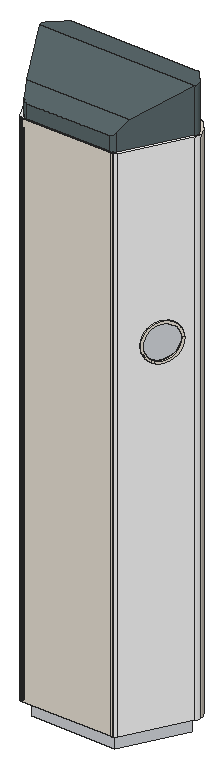
Revit family "Building-RicaricaVeicoliElettrici-GEWISS-JOINON-ION_PAVIMENTO", category Apparecchi elettrici, Revit 2019
Family settings
  Mantenere orientamento annotazione = No
  Quota connettore circolare = Usa diametro
  Tipo di parte = Normale
  Numero OmniClass = 23.80.00.00
  Titolo OmniClass = Electric Power and Lighting
  Basato su piano di lavoro = No
  Sempre verticale = Sì
  Taglio con vuoti quando caricato = No
  Condiviso = No
  Punto di calcolo locali = Sì
Parameters (values of type "GWJ1023W - JOINON I-ON CLOUD 22+22KW MID LAN+4G 2T2+2S")
  sp_y [instance] = 2300 mm
  sp_x [instance] = 1600 mm
  sp_effettivo_y [instance] = 4000 mm - sp_y  # 1700 mm
  sp_effettivo_x [instance] = 4000 mm - sp_x  # 2400 mm
  r4 = 18.00°
  r2 = 79.00°
  h2 = 1392 mm  # constant formula
  ang1 = 62.2233°
  Versione file RFA = "19.4"
  URL = "https://www.gewiss.com/it/it"
  Trattamento superficiale = ""
  Trattamento esterno = "Anti-corrosione ed anti-graffito"
  Tipologia presa = ""
  Tipologia di installazione = ""
  Tipo di protezione differenziale = "40 A - 4P - Tipo B"
  Tipo di installazione e montaggio = "A pavimento"
  Testa = Testa
  Tensione nominale di isolamento (Ui) = "400 Volt"
  Tensione nominale = "400 Volt"
  Temperatura di utilizzo = "-25 +50 °C"
  Simbolo_visibile [instance] = yes
  Riarmo protezioni da remoto = "No"
  Resistenza agli urti = "IK10"
  Protezioni = "Magnetotermico + Diff. Tipo B"
  Protezione magnetotermica = "40A - 4P - Curva D"
  Protezione differenziale = ""
  Produttore = "GEWISS S.p.A."
  Prese di ricarica (EN62196) = ""
  Potenza max. = "22 kW per socket (2,3 kW per Tipo F)"
  Potenza massima per presa = ""
  Potenza di ricarica = "22 kW + 22 kW"
  Potenza complessiva: = "44 Chilowatt"
  Personalizzabile: = "SI (frontale)"
  OUTPUT : = "-"
  Numero di prese (tipo) = "2 (Tipo 2 anti-vandalo,  con shutter) + 2 (Tipo F)"
  N. Prese Tipo 2 = "2 (+2 prese domestiche tipo F)"
  Morsettiera: = "5 x 35 mm²"
  Modo di ricarica (EN 61851) : = ""
  Modello = "GWJ1023W"
  Materiale = "Lamiera d'acciaio"
  Lettore RFID = "Si"
  Laterali = Laterali
  Immagine tipo = ION_PAVIM.jpg
  INPUT: = "-"
  IDF = "8a324463-d4d2-4de9-a0c4-a27b39c13a49"
  Human Interface = "LED RGB e TFT Display"
  H1 = 1550 mm
  Grado di protezione = "IP54"
  Descrizione = "JOINON I-ON CLOUD 22+22KW MID LAN+4G 2T2+2S"
  DC Leakage check = "Non necessario"
  Creato da GEWISS S.p.A. = ""
  Corrente nominale: = "64 Ampere"
  Corrente massima per presa = ""
  Corrente in ingresso = ""
  Corrente erogata (max) = "32 A per socket (10 A per Tipo F)"
  Corpo = Corpo
  Contatore di energia = "SI (Tipo MID)"
  ConnettivitÃ : = "LAN, WIFI, 4G"
  ConnettivitÃ  = ""
  Comunicazione = "Kit Ethernet e Modem 4G con antenna di potenziamento"
  Colore esterno = ""
  Colore = "Grigio, Testata RAL 7011"
  Codice Electrocod = ""
  Caratteristiche meccaniche = "-"
  COBie.Tagnumber = ""
  COBie.CreatedOn = ""
  COBie.CreatebBy = ""
  COBie.ComponentRegisterItemID = ""
  COBie.Component.TagNumber = ""
  COBie.Component.Space = ""
  COBie.Component.SerialNumber = ""
  COBie.Component.InstallationDate = ""
  COBie.Component.Description = ""
  COBie.Component.BarCode = ""
  C = "a=b"
  Bordo_simbolo_visibile [instance] = yes
  Attivazione ricarica = "Gestito da remoto, via OCPP 1.6J"
  Alimentazione (entra-esci) = ""
Types (17, lengths in mm): name | Trattamento superficiale | Tipologia presa | Tipologia di installazione | Tipo di protezione differenziale | Tensione nominale di isolamento (Ui) | Tensione nominale | Protezione magnetotermica | Protezione differenziale | Prese di ricarica (EN62196) | Potenza max. | Potenza massima per presa | Potenza di ricarica | Potenza complessiva: | Numero di prese (tipo) | N. Prese Tipo 2 | Morsettiera: | Modo di ricarica (EN 61851) : | Modello | Lettore RFID | Grado di protezione | Descrizione | Corrente nominale: | Corrente massima per presa | Corrente in ingresso | Corrente erogata (max) | Contatore di energia | ConnettivitÃ : | ConnettivitÃ  | Comunicazione | Colore esterno | Codice Electrocod | Attivazione ricarica | Alimentazione (entra-esci)
  (no name) | "Verniciatura superficiale anti-graffiti" | "Tipo 2" | "A pavimento (basamento di fissaggio già incluso in dotazione)" | "40 A - 4P - Tipo B" | "400 Volt" | "400 Volt" | "40A - 4P - Curva D" | "40A - 4P - Tipo B" | "2 x Tipo 2" | "22 kW per socket (2,3 kW per Tipo F)" | "22 kW + 22 kW" | "22 kW + 22 kW" | "44 Chilowatt" | "2 (Tipo 2 anti-vandalo,  con shutter) + 2 (Tipo F)" | "2 (+2 prese domestiche tipo F)" | "5 x 35 mm²" | "Modo 3" | "GWJ1023W" | "Si" | "IP54" | "JOINON I-ON CLOUD 22+22KW MID LAN+4G 2T2+2S" | "64 Ampere" | "32 A + 32 A" | "64 Ampere" | "32 A per socket (10 A per Tipo F)" | "SI (Tipo MID)" | "LAN, WIFI, 4G" | "OCPP 1.6 SOAP" | "Kit Ethernet e Modem 4G con antenna di potenziamento" | "Chassie Grigio, Cappello RAL7011" | "2242" | "Gestito da remoto, via OCPP 1.6J" | "Trifase 35 mm²"
  GWJ1001A - JOINON I-ON AUTOSTART 7,4+7,4KW 2T2 | "Verniciatura superficiale anti-graffiti" | "Tipo 2" | "A pavimento (basamento di fissaggio già incluso in dotazione)" | "40 A - 2P - Tipo B" | "230 Volt" | "230 Volt" | "40A - 2P - Curva D" | "40A - 2P - Tipo B" | "2 x Tipo 2" | "7,4 kW per socket" | "7,4 kW + 7,4 kW" | "7,4 kW + 7,4 kW" | "15 Chilowatt" | "2 (Tipo 2 con shutter)" | "2" | "3 x 35 mm²" | "Modo 3" | "GWJ1001A" | "No" | "IP55" | "JOINON I-ON AUTOSTART 7,4+7,4KW 2T2" | "64 Ampere" | "32 A + 32 A" | "64 Ampere" | "32 A per socket" | "No" | "No" | "" | "" | "Chassie Grigio, Cappello RAL7011" | "2242" | "Accesso Libero" | "Monofase 35 mm²"
  GWJ1001L - JOINON I-ON CLOUD 7,4+7,4KW MID LAN 2T2 | "Verniciatura superficiale anti-graffiti" | "" | "A pavimento (basamento di fissaggio già incluso in dotazione)" | "40 A - 2P - Tipo B" | "230 Volt" | "230 Volt" | "40A - 2P - Curva D" | "40A - 2P - Tipo B" | "2 x Tipo 2" | "7,4 kW per socket" | "7,4 kW + 7,4 kW" | "7,4 kW + 7,4 kW" | "15 Chilowatt" | "2 (Tipo 2 anti-vandalo,  con shutter)" | "2" | "3 x 35 mm²" | "Modo 3" | "GWJ1001L" | "Si" | "IP55" | "JOINON I-ON CLOUD 7,4+7,4KW MID LAN 2T2" | "64 Ampere" | "32 A + 32 A" | "64 Ampere" | "32 A per socket" | "SI (Tipo MID)" | "LAN" | "OCPP 1.6 SOAP" | "Kit Ethernet" | "Chassie Grigio, Cappello RAL7011" | "2242" | "Gestito da remoto, via OCPP 1.6J" | "Monofase 35 mm²"
  GWJ1001R - JOINON I-ON RFID 7,4+7,4KW MID 2T2 | "Verniciatura superficiale anti-graffiti" | "" | "A pavimento (basamento di fissaggio già incluso in dotazione)" | "40 A - 2P - Tipo B" | "230 Volt" | "230 Volt" | "40A - 2P - Curva D" | "40A - 2P - Tipo B" | "2 x Tipo 2" | "7,4 kW per socket" | "7,4 kW + 7,4 kW" | "7,4 kW + 7,4 kW" | "15 Chilowatt" | "2 (Tipo 2 anti-vandalo,  con shutter)" | "2" | "3 x 35 mm²" | "Modo 3" | "GWJ1001R" | "Si" | "IP55" | "JOINON I-ON RFID 7,4+7,4KW MID 2T2" | "64 Ampere" | "32 A + 32 A" | "64 Ampere" | "32 A per socket" | "SI (Tipo MID)" | "No" | "" | "" | "Chassie Grigio, Cappello RAL7011" | "2242" | "Gestito localmente, via RFID" | "Monofase 35 mm²"
  GWJ1001W - JOINON I-ON CLOUD 7,4+7,4KW MID LAN+4G 2T2 | "Verniciatura superficiale anti-graffiti" | "" | "A pavimento (basamento di fissaggio già incluso in dotazione)" | "40 A - 2P - Tipo B" | "230 Volt" | "230 Volt" | "40A - 2P - Curva D" | "40A - 2P - Tipo B" | "2 x Tipo 2" | "7,4 kW per socket" | "7,4 kW + 7,4 kW" | "7,4 kW + 7,4 kW" | "15 Chilowatt" | "2 (Tipo 2 anti-vandalo,  con shutter)" | "2" | "3 x 35 mm²" | "Modo 3" | "GWJ1001W" | "Si" | "IP55" | "JOINON I-ON CLOUD 7,4+7,4KW MID LAN+4G 2T2" | "64 Ampere" | "32 A + 32 A" | "64 Ampere" | "32 A per socket" | "SI (Tipo MID)" | "LAN, WIFI, 4G" | "OCPP 1.6 SOAP" | "Kit Ethernet e Modem 4G con antenna di potenziamento" | "Chassie Grigio, Cappello RAL7011" | "2242" | "Gestito da remoto, via OCPP 1.6J" | "Monofase 35 mm²"
  GWJ1002A - JOINON I-ON AUTOSTART 11+11KW 2T2 | "Verniciatura superficiale anti-graffiti" | "" | "A pavimento (basamento di fissaggio già incluso in dotazione)" | "20 A - 4P - Tipo B" | "400 Volt" | "400 Volt" | "20A - 4P - Curva D" | "20A - 4P - Tipo B" | "2 x Tipo 2" | "11 kW per socket" | "11 kW + 11 kW" | "11 kW + 11 kW" | "22 Chilowatt" | "2 (Tipo 2 con shutter)" | "2" | "5 x 16 mm²" | "Modo 3" | "GWJ1002A" | "No" | "IP55" | "JOINON I-ON AUTOSTART 11+11KW 2T2" | "32 Ampere" | "16 A + 16 A" | "32 Ampere" | "16 A per socket" | "No" | "No" | "" | "" | "Chassie Grigio, Cappello RAL7011" | "2242" | "Accesso Libero" | "Trifase 35 mm²"
  GWJ1002L - JOINON I-ON CLOUD 11+11KW MID LAN 2T2 | "Verniciatura superficiale anti-graffiti" | "" | "A pavimento (basamento di fissaggio già incluso in dotazione)" | "20 A - 4P - Tipo B" | "400 Volt" | "400 Volt" | "20A - 4P - Curva D" | "20A - 4P - Tipo B" | "2 x Tipo 2" | "11 kW per socket" | "11 kW + 11 kW" | "11 kW + 11 kW" | "22 Chilowatt" | "2 (Tipo 2 anti-vandalo,  con shutter)" | "2" | "5 x 16 mm²" | "Modo 3" | "GWJ1002L" | "Si" | "IP55" | "JOINON I-ON CLOUD 11+11KW MID LAN 2T2" | "32 Ampere" | "16 A + 16 A" | "32 Ampere" | "16 A per socket" | "SI (Tipo MID)" | "LAN" | "OCPP 1.6 SOAP" | "Kit Ethernet" | "Chassie Grigio, Cappello RAL7011" | "2242" | "Gestito da remoto, via OCPP 1.6J" | "Trifase 35 mm²"
  GWJ1002R - JOINON I-ON RFID 11+11KW MID 2T2 | "Verniciatura superficiale anti-graffiti" | "" | "A pavimento (basamento di fissaggio già incluso in dotazione)" | "20 A - 4P - Tipo B" | "400 Volt" | "400 Volt" | "20A - 4P - Curva D" | "20A - 4P - Tipo B" | "2 x Tipo 2" | "11 kW per socket" | "11 kW + 11 kW" | "11 kW + 11 kW" | "22 Chilowatt" | "2 (Tipo 2 anti-vandalo,  con shutter)" | "2" | "5 x 16 mm²" | "Modo 3" | "GWJ1002R" | "Si" | "IP55" | "JOINON I-ON RFID 11+11KW MID 2T2" | "32 Ampere" | "16 A + 16 A" | "32 Ampere" | "16 A per socket" | "SI (Tipo MID)" | "No" | "" | "" | "Chassie Grigio, Cappello RAL7011" | "2242" | "Gestito localmente, via RFID" | "Trifase 35 mm²"
  GWJ1002W - JOINON I-ON CLOUD 11+11KW MID LAN+4G 2T2 | "Verniciatura superficiale anti-graffiti" | "" | "A pavimento (basamento di fissaggio già incluso in dotazione)" | "20 A - 4P - Tipo B" | "400 Volt" | "400 Volt" | "20A - 4P - Curva D" | "20A - 4P - Tipo B" | "2 x Tipo 2" | "11 kW per socket" | "11 kW + 11 kW" | "11 kW + 11 kW" | "22 Chilowatt" | "2 (Tipo 2 anti-vandalo,  con shutter)" | "2" | "5 x 16 mm²" | "Modo 3" | "GWJ1002W" | "Si" | "IP55" | "JOINON I-ON CLOUD 11+11KW MID LAN+4G 2T2" | "32 Ampere" | "16 A + 16 A" | "32 Ampere" | "16 A per socket" | "SI (Tipo MID)" | "LAN, WIFI, 4G" | "OCPP 1.6 SOAP" | "Kit Ethernet e Modem 4G con antenna di potenziamento" | "Chassie Grigio, Cappello RAL7011" | "2242" | "Gestito da remoto, via OCPP 1.6J" | "Trifase 35 mm²"
  GWJ1003A - JOINON I-ON AUTOSTART 22+22KW 2T2 | "Verniciatura superficiale anti-graffiti" | "" | "A pavimento (basamento di fissaggio già incluso in dotazione)" | "40 A - 4P - Tipo B" | "400 Volt" | "400 Volt" | "40A - 4P - Curva D" | "40A - 4P - Tipo B" | "2 x Tipo 2" | "22 kW per socket" | "22 kW + 22 kW" | "22 kW + 22 kW" | "44 Chilowatt" | "2 (Tipo 2 con shutter)" | "2" | "5 x 35 mm²" | "Modo 3" | "GWJ1003A" | "No" | "IP55" | "JOINON I-ON AUTOSTART 22+22KW 2T2" | "64 Ampere" | "32 A + 32 A" | "64 Ampere" | "32 A per socket" | "No" | "No" | "" | "" | "Chassie Grigio, Cappello RAL7011" | "2242" | "Accesso Libero" | "Trifase 35 mm²"
  GWJ1003L - JOINON I-ON CLOUD 22+22KW MID LAN 2T2 | "Verniciatura superficiale anti-graffiti" | "" | "A pavimento (basamento di fissaggio già incluso in dotazione)" | "40 A - 4P - Tipo B" | "400 Volt" | "400 Volt" | "40A - 4P - Curva D" | "40A - 4P - Tipo B" | "2 x Tipo 2" | "22 kW per socket" | "22 kW + 22 kW" | "22 kW + 22 kW" | "44 Chilowatt" | "2 (Tipo 2 anti-vandalo,  con shutter)" | "2" | "5 x 35 mm²" | "Modo 3" | "GWJ1003L" | "Si" | "IP55" | "JOINON I-ON CLOUD 22+22KW MID LAN 2T2" | "64 Ampere" | "32 A + 32 A" | "64 Ampere" | "32 A per socket" | "SI (Tipo MID)" | "LAN" | "OCPP 1.6 SOAP" | "Kit Ethernet" | "Chassie Grigio, Cappello RAL7011" | "2242" | "Gestito da remoto, via OCPP 1.6J" | "Trifase 35 mm²"
  GWJ1003R - JOINON I-ON RFID 22+22KW MID 2T2 | "Verniciatura superficiale anti-graffiti" | "" | "A pavimento (basamento di fissaggio già incluso in dotazione)" | "40 A - 4P - Tipo B" | "400 Volt" | "400 Volt" | "40A - 4P - Curva D" | "40A - 4P - Tipo B" | "2 x Tipo 2" | "22 kW per socket" | "22 kW + 22 kW" | "22 kW + 22 kW" | "44 Chilowatt" | "2 (Tipo 2 anti-vandalo,  con shutter)" | "2" | "5 x 35 mm²" | "Modo 3" | "GWJ1003R" | "Si" | "IP55" | "JOINON I-ON RFID 22+22KW MID 2T2" | "64 Ampere" | "32 A + 32 A" | "64 Ampere" | "32 A per socket" | "SI (Tipo MID)" | "No" | "" | "" | "Chassie Grigio, Cappello RAL7011" | "2242" | "Gestito localmente, via RFID" | "Trifase 35 mm²"
  GWJ1003W - JOINON I-ON CLOUD 22+22KW MID LAN+4G 2T2 | "Verniciatura superficiale anti-graffiti" | "" | "A pavimento (basamento di fissaggio già incluso in dotazione)" | "40 A - 4P - Tipo B" | "400 Volt" | "400 Volt" | "40A - 4P - Curva D" | "40A - 4P - Tipo B" | "2 x Tipo 2" | "22 kW per socket" | "22 kW + 22 kW" | "22 kW + 22 kW" | "44 Chilowatt" | "2 (Tipo 2 anti-vandalo,  con shutter)" | "2" | "5 x 35 mm²" | "Modo 3" | "GWJ1003W" | "Si" | "IP55" | "JOINON I-ON CLOUD 22+22KW MID LAN+4G 2T2" | "64 Ampere" | "32 A + 32 A" | "64 Ampere" | "32 A per socket" | "SI (Tipo MID)" | "LAN, WIFI, 4G" | "OCPP 1.6 SOAP" | "Kit Ethernet e Modem 4G con antenna di potenziamento" | "Chassie Grigio, Cappello RAL7011" | "2242" | "Gestito da remoto, via OCPP 1.6J" | "Trifase 35 mm²"
  GWJ1021R - JOINON I-ON RFID 7,4+7,4KW MID 2T2+2S | "" | "" | "" | "40 A - 2P - Tipo B" | "230 Volt" | "230 Volt" | "40A - 2P - Curva D" | "" | "" | "7,4 kW per socket (2,3 kW per Tipo F)" | "" | "7,4 kW + 7,4 kW" | "15 Chilowatt" | "2 (Tipo 2 anti-vandalo,  con shutter) + 2 (Tipo F)" | "2 (+2 prese domestiche tipo F)" | "3 x 35 mm²" | "" | "GWJ1021R" | "Si" | "IP54" | "JOINON I-ON RFID 7,4+7,4KW MID 2T2+2S" | "64 Ampere" | "" | "" | "32 A per socket (10 A per Tipo F)" | "SI (Tipo MID)" | "No" | "" | "" | "" | "" | "Gestito localmente, via RFID" | ""
  GWJ1023R - JOINON I-ON RFID 22+22KW MID 2T2+2S | "" | "" | "" | "40 A - 4P - Tipo B" | "400 Volt" | "400 Volt" | "40A - 4P - Curva D" | "" | "" | "22 kW per socket (2,3 kW per Tipo F)" | "" | "22 kW + 22 kW" | "44 Chilowatt" | "2 (Tipo 2 anti-vandalo,  con shutter) + 2 (Tipo F)" | "2 (+2 prese domestiche tipo F)" | "5 x 35 mm²" | "" | "GWJ1023R" | "Si" | "IP54" | "JOINON I-ON RFID 22+22KW MID 2T2+2S" | "64 Ampere" | "" | "" | "32 A per socket (10 A per Tipo F)" | "SI (Tipo MID)" | "No" | "" | "" | "" | "" | "Gestito localmente, via RFID" | ""
  GWJ1021W - JOINON I-ON CLOUD 7,4+7,4KW MID LAN+4G 2T2+2S | "" | "" | "" | "40 A - 2P - Tipo B" | "230 Volt" | "230 Volt" | "40A - 2P - Curva D" | "" | "" | "7,4 kW per socket (2,3 kW per Tipo F)" | "" | "7,4 kW + 7,4 kW" | "15 Chilowatt" | "2 (Tipo 2 anti-vandalo,  con shutter) + 2 (Tipo F)" | "2 (+2 prese domestiche tipo F)" | "3 x 35 mm²" | "" | "GWJ1021W" | "Si" | "IP54" | "JOINON I-ON CLOUD 7,4+7,4KW MID LAN+4G 2T2+2S" | "64 Ampere" | "" | "" | "32 A per socket (10 A per Tipo F)" | "SI (Tipo MID)" | "LAN, WIFI, 4G" | "" | "Kit Ethernet e Modem 4G con antenna di potenziamento" | "" | "" | "Gestito da remoto, via OCPP 1.6J" | ""
  GWJ1023W - JOINON I-ON CLOUD 22+22KW MID LAN+4G 2T2+2S | "" | "" | "" | "40 A - 4P - Tipo B" | "400 Volt" | "400 Volt" | "40A - 4P - Curva D" | "" | "" | "22 kW per socket (2,3 kW per Tipo F)" | "" | "22 kW + 22 kW" | "44 Chilowatt" | "2 (Tipo 2 anti-vandalo,  con shutter) + 2 (Tipo F)" | "2 (+2 prese domestiche tipo F)" | "5 x 35 mm²" | "" | "GWJ1023W" | "Si" | "IP54" | "JOINON I-ON CLOUD 22+22KW MID LAN+4G 2T2+2S" | "64 Ampere" | "" | "" | "32 A per socket (10 A per Tipo F)" | "SI (Tipo MID)" | "LAN, WIFI, 4G" | "" | "Kit Ethernet e Modem 4G con antenna di potenziamento" | "" | "" | "Gestito da remoto, via OCPP 1.6J" | ""
Reference planes
  plane 1 "Centro (Fronte/Retro)": y = 0
  plane 2: z = 0
  plane 3 "Centro (Sinistra/Destra)": x = 0
  plane 4: y = 88.499
  plane 5: through (187.624, 77.783, 1200) normal (0.766, 0.6428, 0)
  plane 6 "aaa": through (149.207, -98.517, 1200) normal (-0.8848, 0.466, 0)
  plane 7: y = -136.942
  plane 8: through (93.796, -186.551, 1200) normal (-0.8848, 0.466, 0)
  plane 9: through (126.742, 137.893, 1200) normal (0.766, 0.6428, 0)
  plane 10: y = 80.499
  plane 11: through (-136.146, -121.454, 1200) normal (-0.8814, -0.4723, 0)
  plane 12: through (-129.095, -117.675, 1200) normal (-0.8814, -0.4723, 0)
  plane 13: y = -136.942
  plane 14: through (-187.339, 77.783, 1200) normal (0.766, -0.6428, 0)
  plane 15: through (-106.81, 161.308, 1200) normal (0.766, -0.6428, 0)
  plane 16: through (-94.553, 151.023, 1200) normal (0.766, -0.6428, 0)
  plane 17: y = 64.499
  plane 18: through (-56.197, -219.844, 1200) normal (-0.8814, -0.4723, 0)
  plane 19: y = -120.942
  plane 20: through (79.64, -179.095, 1200) normal (-0.8848, 0.466, 0)
  plane 21: through (114.485, 127.609, 1200) normal (0.766, 0.6428, 0)
  plane 22: z = 41
  plane 23: through (0, 64.499, 1353.022) normal (0, 0.1866, -0.9824)
  plane 24: z = 1433
  plane 25: z = 1550
  plane 26: x = -216.624
  plane 27: x = 212.265
  plane 28: z = 964
  plane 29: y = -47.527
  plane 30: through (26.919, -19.885, 1200) normal (-0.8848, 0.466, 0)
  plane 31: x = -2400
  plane 32: x = 0
  plane 33: y = 0
  plane 34: y = -1700
  plane 35: through (-365.806, -4572, 246.412) normal (-0.9925, 0, 0.1219)
  plane 36: through (208.523, -4572, 1550) normal (0.9816, 0, 0.1908)
Forms (mm)
  Extrusion 1, solid, material "Corpo" <- "Corpo"
    sketch origin (0, 0, 0) x (1, 0, 0) y (0, 1, 0)
      loop
        arc (-164.358, 88.499) -> (-177.036, 85.688) -> (-187.339, 77.783) r 30
        line (-187.339, 77.783) -> (-211.243, 49.296)
        arc (-211.243, 49.296) -> (-214.96, 43.1) -> (-216.572, 36.056) r 23
        line (-216.572, 36.056) -> (-208.544, 36.056)
        arc (-208.544, 36.056) -> (-207.436, 40.362) -> (-205.114, 44.154) r 15
        line (-205.114, 44.154) -> (-181.211, 72.64)
        arc (-181.211, 72.64) -> (-173.655, 78.438) -> (-164.358, 80.499) r 22
        line (-164.358, 80.499) -> (167.173, 80.499)
        arc (167.173, 80.499) -> (174.177, 78.946) -> (179.868, 74.58) r 16.572
        line (179.868, 74.58) -> (205.886, 43.573)
        arc (205.886, 43.573) -> (207.886, 40.313) -> (208.849, 36.612) r 12.979
        line (208.849, 36.612) -> (215.413, 36.612)
        arc (215.413, 36.612) -> (213.395, 45.008) -> (208.925, 52.397) r 28.134
        line (208.925, 52.397) -> (187.882, 77.474)
        arc (187.882, 77.474) -> (177.283, 85.608) -> (164.24, 88.499) r 30.863
        line (164.24, 88.499) -> (-164.358, 88.499)
      loop
        arc (-113.738, -136.942) -> (-115.978, -136.638) -> (-118.056, -135.749) r 8.406
        line (-118.056, -135.749) -> (-121.637, -141.73)
        arc (-121.637, -141.73) -> (-119.495, -142.307) -> (-117.286, -142.501) r 12.666
        line (-117.286, -142.501) -> (117.916, -142.501)
        arc (117.916, -142.501) -> (120.37, -142.275) -> (122.741, -141.606) r 13.462
        line (122.741, -141.606) -> (119.581, -136.371)
        arc (119.581, -136.371) -> (118.593, -136.797) -> (117.527, -136.942) r 3.975
        line (117.527, -136.942) -> (-113.738, -136.942)
    from 41 to 1433
  Extrusion 2, solid
    sketch origin (0, 0, 0) x (1, 0, 0) y (0, 1, 0)
      loop
        line (-167.156, 64.499) -> (-192.422, 34.387) -> (-109.192, -120.942) -> (110.27, -120.942) -> (192.325, 34.843) -> (167.44, 64.499) -> (-167.156, 64.499)
    from 0 to 41
  Extrusion 3, solid, material "Testa" <- "Testa"
    sketch origin (0, 0, 0) x (1, 0, 0) y (0, 1, 0)
      loop
        line (-179.113, 75.141) -> (-205.114, 44.154)
        arc (-205.114, 44.154) -> (-208.544, 36.056) -> (-206.845, 27.427) r 15
        line (-206.845, 27.427) -> (-123.012, -129.027)
        arc (-123.012, -129.027) -> (-117.496, -134.812) -> (-109.791, -136.942) r 15
        line (-109.791, -136.942) -> (110.873, -136.942)
        arc (110.873, -136.942) -> (118.624, -134.785) -> (124.145, -128.933) r 15
        line (124.145, -128.933) -> (206.794, 27.98)
        arc (206.794, 27.98) -> (208.437, 36.568) -> (205.013, 44.613) r 15
        line (205.013, 44.613) -> (179.397, 75.141)
        arc (179.397, 75.141) -> (174.246, 79.094) -> (167.906, 80.499) r 15
        line (167.906, 80.499) -> (-167.622, 80.499)
        arc (-167.622, 80.499) -> (-173.961, 79.094) -> (-179.113, 75.141) r 15
    from 1433 to 1550
  Extrusion 4, void
    sketch origin (0, 0, 0) x (0, 1, 0) y (0, 0, 1)
      loop
        line (27.427, 1550) -> (-136.942, 1550) -> (-136.942, 1469.305) -> (-104.13, 1502.117) -> (27.427, 1550)
    from -216.624 to 212.265
  Extrusion 5, void
    sketch origin (157.424, -82.918, 0) x (-0.466026, -0.884771, 0) y (0, 0, 1)
      loop
        circle (-39.951, 964) r 45
    from 0 to 46.672
  Extrusion 6, solid, material "Corpo" <- "Corpo"
    sketch origin (157.424, -82.918, 0) x (-0.466026, -0.884771, 0) y (0, 0, 1)
      loop
        circle (-39.951, 964) r 45
      loop
        circle (-39.951, 964) r 50
    from -8.324 to 144.842
  Extrusion 7, solid
    sketch origin (157.424, -82.918, 0) x (-0.466026, -0.884771, 0) y (0, 0, 1)
      loop
        circle (-39.951, 964) r 45
    from 0 to 144.842
  Extrusion 8, solid, material "Laterali" <- "Laterali"
    sketch origin (0, 0, 0) x (1, 0, 0) y (0, 1, 0)
      loop
        line (129.826, -135.313) -> (212.265, 21.201)
        arc (212.265, 21.201) -> (214.938, 28.682) -> (215.413, 36.612) r 28.134
        line (215.413, 36.612) -> (208.849, 36.612)
        arc (208.849, 36.612) -> (208.691, 32.791) -> (207.427, 29.181) r 12.979
        line (207.427, 29.181) -> (121.044, -134.82)
        arc (121.044, -134.82) -> (120.418, -135.695) -> (119.581, -136.371) r 3.975
        line (119.581, -136.371) -> (122.741, -141.606)
        arc (122.741, -141.606) -> (126.856, -139.104) -> (129.826, -135.313) r 13.462
    from 41 to 1433
  Extrusion 9, solid, material "Laterali" <- "Laterali"
    sketch origin (0, 0, 0) x (1, 0, 0) y (0, 1, 0)
      loop
        arc (-128.45, -135.817) -> (-125.588, -139.401) -> (-121.637, -141.73) r 12.666
        line (-121.637, -141.73) -> (-118.056, -135.749)
        arc (-118.056, -135.749) -> (-119.822, -134.337) -> (-121.148, -132.506) r 8.406
        line (-121.148, -132.506) -> (-206.845, 27.427)
        arc (-206.845, 27.427) -> (-208.341, 31.614) -> (-208.544, 36.056) r 15
        line (-208.544, 36.056) -> (-216.572, 36.056)
        arc (-216.572, 36.056) -> (-216.107, 29.664) -> (-213.897, 23.649) r 23
        line (-213.897, 23.649) -> (-128.45, -135.817)
    from 41 to 1433
  Extrusion 10, void
    sketch origin (-157.424, -82.918, 0) x (0.466026, -0.884771, 0) y (0, 0, -1)
      loop
        circle (-39.951, -964) r 45
    from 0 to 46.672
  Extrusion 11, solid
    sketch origin (-157.424, -82.918, 0) x (0.466026, -0.884771, 0) y (0, 0, -1)
      loop
        circle (-39.951, -964) r 45
      loop
        circle (-39.951, -964) r 50
    from -8.324 to 144.842
Cuts and joins
  Extrusion 4, Extrusion 5, Extrusion 10 cuts Extrusion 1
  Extrusion 10 cuts Extrusion 6
  joined: Extrusion 1, Extrusion 6
  Extrusion 4 cuts Extrusion 3
  Extrusion 5, Extrusion 10 cuts Extrusion 8
  Extrusion 10 cuts Extrusion 7
  Extrusion 10 cuts Extrusion 11
Lines and regions (mm)
  symbolic lines
    curve 1: line (0, -2584.937, -29.02) -> (0, -2434.937, -29.02)
    curve 2: line (0, -136.942, 1453) -> (0, -136.942, 1433)
  model lines
    curve 3: line (138.783, -118.309, 1358.658) -> (213.347, 23.254, 1393)
    curve 4: line (213.347, 23.254, 1393) -> (213.347, 23.254, 73)
    curve 5: line (213.347, 23.254, 73) -> (138.783, -118.309, 73)
    curve 6: line (138.783, -118.309, 73) -> (138.783, -118.309, 1358.658)
    curve 7: line (-138.783, -118.309, 1358.658) -> (-213.347, 23.254, 1393)
    curve 8: line (-213.347, 23.254, 1393) -> (-213.347, 23.254, 73)
    curve 9: line (-213.347, 23.254, 73) -> (-138.783, -118.309, 73)
    curve 10: line (-138.783, -118.309, 73) -> (-138.783, -118.309, 1358.658)
Text (mm)
  text "axb=c" at (178.989, -154.629, 0), in view "Livello rif."
Dimensions and locks
  locked: plane 4 to plane 10 at 8
  plane 5 to plane 9 = 8 mm
  locked: plane 8 to plane 6 "aaa" at 8
  locked: plane 11 to plane 12 at 8
  locked: plane 15 to plane 14 at 8
  plane 11 to plane 12 = 8 mm
  locked: plane 22 to plane 2 at 41
  plane 25 to plane 2 = 1550 mm
  "h2": plane 24 to plane 22
  plane 31 to plane 3 "Centro (Sinistra/Destra)" = 2400 mm
  "sp_effettivo_x": plane 31 to plane 32
  "sp_effettivo_y": plane 33 to plane 34
  plane 1 "Centro (Fronte/Retro)" to plane 34 = 1700 mm
  radius of Extrusion 3 sketch curve = 15 mm  (x6)
  angle plane 16 to plane 3 "Centro (Sinistra/Destra)" = 40.00°
  "ang1": angle plane 29 to plane 30
  angle plane 16 to plane 18 = 68.1837°
  "r4": angle plane 35 to plane 36
  angle plane 35 to plane 32 = 7.00°
  "r2": angle plane 36 to plane 24
  aligned and locked: level to plane 2
  aligned and locked: plane 15 to Extrusion 1
  aligned and locked: plane 7 to Extrusion 1
  aligned and locked: plane 9 to Extrusion 1
  aligned and locked: plane 22 to Extrusion 2
  aligned and locked: Extrusion 1 to plane 22
  aligned and locked: plane 24 to Extrusion 1
  aligned and locked: Extrusion 3 to plane 24
  aligned and locked: plane 25 to Extrusion 3
  aligned and locked: Extrusion 4 to plane 27
  aligned and locked: plane 26 to Extrusion 4
  aligned and locked: plane 28 to Extrusion 5 sketch curve
  aligned and locked: plane 30 to cut or joined group of Extrusion 1, Extrusion 4, Extrusion 5, Extrusion 6, Extrusion 10
  aligned and locked: cut or joined group of Extrusion 1, Extrusion 4, Extrusion 5, Extrusion 6, Extrusion 10 to Extrusion 7
  aligned and locked: Extrusion 9 to curve 2
  aligned and locked: Extrusion 9 to Extrusion 2
  aligned and locked: Extrusion 8 to Extrusion 2
  aligned and locked: nested 1 to plane 32
  aligned and locked: plane 33 to nested 1
Automatic sketch dimensions
  curve 2 to plane 7 = 0 mm
  curve 1 to level = 29.02 mm
  curve 1 to plane 7 = 2297.995 mm
  curve 1 to curve 1 = 150 mm
  curve 2 to curve 2 = 20 mm
  Extrusion 1 sketch curve to Extrusion 1 sketch curve = 0 mm  (x4)
  plane 14 to Extrusion 1 sketch curve = 0 mm  (x2)
  plane 15 to Extrusion 1 sketch curve = 0 mm  (x2)
  Extrusion 1 sketch curve to plane 10 = 0 mm
  Extrusion 1 sketch curve to plane 7 = 0 mm
  Extrusion 1 sketch curve to plane 9 = 0 mm  (x2)
  Extrusion 1 sketch curve to plane 5 = 0 mm  (x2)
  Extrusion 1 sketch curve to plane 26 = 0.052 mm
  Extrusion 1 sketch curve to plane 26 = 5.381 mm
  Extrusion 1 sketch curve to Extrusion 1 sketch curve = 8.028 mm
  Extrusion 1 sketch curve to Extrusion 1 sketch curve = 6.128 mm
  Extrusion 1 sketch curve to Extrusion 1 sketch curve = 11.491 mm
  Extrusion 1 sketch curve to plane 10 = 2.716 mm
  Extrusion 1 sketch curve to plane 10 = 7.859 mm
  Extrusion 1 sketch curve to Extrusion 1 sketch curve = 16.853 mm
  Extrusion 1 sketch curve to plane 7 = 4.788 mm
  Extrusion 1 sketch curve to plane 26 = 94.986 mm
  plane 7 to Extrusion 1 sketch curve = 1.194 mm
  Extrusion 1 sketch curve to Extrusion 1 sketch curve = 3.581 mm
  Extrusion 1 sketch curve to Extrusion 1 sketch curve = 4.351 mm
  Extrusion 1 sketch curve to Extrusion 1 sketch curve = 3.548 mm
  plane 27 to Extrusion 1 sketch curve = 94.738 mm
  Extrusion 1 sketch curve to Extrusion 1 sketch curve = 0.389 mm
  plane 7 to Extrusion 1 sketch curve = 0.572 mm
  Extrusion 1 sketch curve to Extrusion 1 sketch curve = 2.054 mm
  Extrusion 1 sketch curve to plane 7 = 4.664 mm
  Extrusion 1 sketch curve to Extrusion 1 sketch curve = 4.825 mm
  Extrusion 1 sketch curve to plane 17 = 6.863 mm
  Extrusion 1 sketch curve to plane 17 = 0.572 mm
  Extrusion 1 sketch curve to plane 10 = 5.92 mm
  plane 27 to Extrusion 1 sketch curve = 24.892 mm
  Extrusion 1 sketch curve to plane 10 = 3.025 mm
  Extrusion 1 sketch curve to Extrusion 1 sketch curve = 8.57 mm
  plane 27 to Extrusion 1 sketch curve = 6.379 mm
  plane 27 to Extrusion 1 sketch curve = 3.417 mm
  plane 27 to Extrusion 1 sketch curve = 3.34 mm
  Extrusion 1 sketch curve to plane 27 = 3.148 mm
  Extrusion 1 sketch curve to Extrusion 1 sketch curve = 0.894 mm
  Extrusion 1 sketch curve to Extrusion 1 sketch curve = 9.261 mm
  plane 16 to Extrusion 2 sketch curve = 0 mm  (x2)
  plane 18 to Extrusion 2 sketch curve = 0 mm  (x2)
  Extrusion 2 sketch curve to plane 17 = 0 mm
  Extrusion 2 sketch curve to plane 19 = 0 mm
  Extrusion 2 sketch curve to plane 20 = 0 mm  (x2)
  Extrusion 2 sketch curve to plane 21 = 0 mm  (x2)
  plane 12 to Extrusion 3 sketch curve = 0 mm  (x2)
  plane 15 to Extrusion 3 sketch curve = 0 mm  (x2)
  Extrusion 3 sketch curve to plane 10 = 0 mm
  Extrusion 3 sketch curve to plane 7 = 0 mm
  Extrusion 3 sketch curve to plane 8 = 0 mm  (x2)
  Extrusion 3 sketch curve to plane 9 = 0 mm  (x2)
  Extrusion 3 sketch curve to plane 26 = 11.509 mm
  Extrusion 3 sketch curve to plane 26 = 9.778 mm
  Extrusion 3 sketch curve to plane 10 = 5.358 mm  (x2)
  plane 7 to Extrusion 3 sketch curve = 7.915 mm
  Extrusion 3 sketch curve to plane 19 = 7.99 mm
  plane 27 to Extrusion 3 sketch curve = 7.252 mm
  plane 27 to Extrusion 3 sketch curve = 5.471 mm
  Extrusion 4 sketch curve to plane 7 = 0 mm
  Extrusion 4 sketch curve to plane 25 = 0 mm
  plane 19 to Extrusion 4 sketch curve = 16.813 mm
  Extrusion 4 sketch curve to plane 1 "Centro (Fronte/Retro)" = 27.427 mm
  Extrusion 4 sketch curve to plane 25 = 47.883 mm
  plane 24 to Extrusion 4 sketch curve = 36.305 mm
  curve 3 to plane 24 = 40 mm
  plane 22 to curve 5 = 32 mm
  curve 4 to curve 5 = 160 mm
  curve 6 to plane 24 = 74.342 mm
  curve 7 to plane 24 = 40 mm
  plane 22 to curve 9 = 32 mm
  curve 8 to curve 9 = 160 mm
  curve 10 to plane 24 = 74.342 mm
  Extrusion 6 sketch curve to Extrusion 6 sketch curve = 0 mm  (x12)
  plane 28 to Extrusion 6 sketch curve = 0 mm
  Extrusion 6 sketch curve to Extrusion 6 sketch curve = 45 mm
  Extrusion 6 sketch curve to Extrusion 6 sketch curve = 5 mm
  Extrusion 7 sketch curve to Extrusion 7 sketch curve = 0 mm  (x2)
  plane 28 to Extrusion 7 sketch curve = 0 mm
  Extrusion 7 sketch curve to Extrusion 7 sketch curve = 45 mm
  Extrusion 8 sketch curve to plane 8 = 0 mm  (x2)
  Extrusion 8 sketch curve to plane 6 "aaa" = 0 mm  (x2)
  Extrusion 8 sketch curve to plane 27 = 0 mm
  plane 27 to Extrusion 8 sketch curve = 3.417 mm
  plane 27 to Extrusion 8 sketch curve = 4.838 mm
  Extrusion 8 sketch curve to Extrusion 8 sketch curve = 11.484 mm
  Extrusion 8 sketch curve to Extrusion 8 sketch curve = 8.57 mm
  plane 7 to Extrusion 8 sketch curve = 1.63 mm
  Extrusion 8 sketch curve to plane 7 = 4.664 mm
  Extrusion 8 sketch curve to Extrusion 8 sketch curve = 7.085 mm
  plane 7 to Extrusion 8 sketch curve = 2.122 mm
  plane 7 to Extrusion 8 sketch curve = 0.572 mm
  Extrusion 8 sketch curve to Extrusion 8 sketch curve = 1.463 mm
  Extrusion 8 sketch curve to Extrusion 8 sketch curve = 3.128 mm
  Extrusion 8 sketch curve to Extrusion 8 sketch curve = 0.389 mm
  Extrusion 8 sketch curve to plane 27 = 3.148 mm
  Extrusion 8 sketch curve to Extrusion 8 sketch curve = 5.131 mm
  Extrusion 9 sketch curve to Extrusion 9 sketch curve = 0 mm  (x2)
  plane 11 to Extrusion 9 sketch curve = 0 mm  (x2)
  plane 12 to Extrusion 9 sketch curve = 0 mm  (x2)
  Extrusion 9 sketch curve to plane 26 = 0.052 mm
  Extrusion 9 sketch curve to plane 26 = 2.727 mm
  Extrusion 9 sketch curve to Extrusion 9 sketch curve = 8.028 mm
  Extrusion 9 sketch curve to Extrusion 9 sketch curve = 7.052 mm
  Extrusion 9 sketch curve to Extrusion 9 sketch curve = 14.92 mm
  plane 7 to Extrusion 9 sketch curve = 1.125 mm
  Extrusion 9 sketch curve to plane 7 = 4.788 mm
  Extrusion 9 sketch curve to Extrusion 9 sketch curve = 6.813 mm
  plane 7 to Extrusion 9 sketch curve = 4.436 mm
  plane 7 to Extrusion 9 sketch curve = 1.194 mm
  Extrusion 9 sketch curve to Extrusion 9 sketch curve = 3.092 mm
  Extrusion 9 sketch curve to Extrusion 9 sketch curve = 3.862 mm
  Extrusion 9 sketch curve to Extrusion 9 sketch curve = 3.548 mm
  plane 28 to Extrusion 10 sketch curve = 0 mm
  Extrusion 11 sketch curve to Extrusion 11 sketch curve = 0 mm  (x12)
  plane 28 to Extrusion 11 sketch curve = 0 mm
  Extrusion 11 sketch curve to Extrusion 11 sketch curve = 45 mm
  Extrusion 11 sketch curve to Extrusion 11 sketch curve = 5 mm
  radius of Extrusion 5 sketch curve = 45 mm
  radius of Extrusion 10 sketch curve = 45 mm
Nested families
  nested 1: "simb_torretta" at (0, -125, 0), Bordo simbolo <- "Bordo_simbolo_visibile", Visibilita' simbolo <- "Simbolo_visibile", type "simb_torretta"
Connectors
  electrical at (176.042, -47.571, 964)
    settings: on cut or joined group of Extrusion 5, Extrusion 8, Extrusion 10, index 1, voltage 0 V, apparent load 0 VA, apparent load phase1 0 VA, apparent load phase2 0 VA, apparent load phase3 0 VA, power factor 1, load classification "Altro", number of poles 1, system type 31, power factor state 1, is connector primary yes, connector utility no, sub classification motor no, connector description ""
Definition of nested family "simb_torretta"
  Parameters (values of type "simb_torretta")
    Visibilita' simbolo [instance] = yes
    Bordo simbolo [instance] = yes
  Reference planes
    plane 1 "Centro (Fronte/Retro)": y = 0
    plane 2: z = 0
    plane 3 "Centro (Sinistra/Destra)": x = 0
  Lines and regions (mm)
    detail lines, in view "Livello rif.", visible <- "Bordo simbolo"
      curve 1: line (-96.5, 250, 0) -> (101.5, 250, 0)
      curve 2: line (101.5, 250, 0) -> (101.5, 0, 0)
      curve 3: line (101.5, 0, 0) -> (-96.5, 0, 0)
      curve 4: line (-96.5, 0, 0) -> (-96.5, 250, 0)
      curve 5: line (101.5, 125, 0) -> (91.744, 125, 0)
      curve 6: line (-79.833, 125, 0) -> (-96.5, 125, 0)
    detail lines, in view "Livello rif.", visible <- "Visibilita' simbolo"
      curve 7: line (63.369, 20.256, 0) -> (63.369, 0, 0)
      curve 9: line (-63.369, 20.256, 0) -> (63.369, 20.256, 0)
      curve 10: line (49.772, 20.256, 0) -> (49.772, 185.328, 0)
      curve 11: line (38.072, 197.028, 0) -> (-41.162, 197.028, 0)
      curve 12: line (-52.903, 185.287, 0) -> (-52.903, 20.256, 0)
      curve 13: line (31.542, 136.002, 0) -> (31.542, 177.347, 0)
      curve 14: line (31.542, 177.347, 0) -> (-34.673, 177.347, 0)
      curve 15: line (-34.673, 177.347, 0) -> (-34.673, 136.002, 0)
      curve 16: line (-34.673, 136.002, 0) -> (31.542, 136.002, 0)
      curve 17: line (84.479, 146.299, 0) -> (84.479, 42.731, 0)
      curve 18: line (66.859, 42.731, 0) -> (66.859, 121.971, 0)
      curve 19: line (66.859, 121.971, 0) -> (64.275, 127.282, 0)
      curve 20: line (64.275, 127.282, 0) -> (49.772, 132.307, 0)
      curve 21: line (98.652, 158.145, 0) -> (98.652, 180.875, 0)
      curve 22: line (98.652, 180.875, 0) -> (84.479, 180.875, 0)
      curve 23: line (84.479, 180.875, 0) -> (70.307, 180.875, 0)
      curve 24: line (70.307, 180.875, 0) -> (70.307, 158.145, 0)
      curve 25: line (77.215, 180.875, 0) -> (77.215, 197.35, 0)
      curve 26: line (91.744, 180.875, 0) -> (91.744, 197.35, 0)
      curve 27: line (12.372, 88.819, 0) -> (-11.307, 88.819, 0)
      curve 28: line (-11.307, 88.819, 0) -> (-11.307, 120.192, 0)
      curve 29: line (-11.307, 120.192, 0) -> (12.372, 120.192, 0)
      curve 30: line (-11.307, 105.861, 0) -> (3.96, 105.861, 0)
      curve 31: line (-14.807, 69.865, 0) -> (-1.566, 34.036, 0)
      curve 32: line (-1.566, 34.036, 0) -> (11.676, 69.865, 0)
      curve 33: line (-63.369, 20.256, 0) -> (-63.369, 0, 0)
      curve 34: line (-63.369, 0, 0) -> (63.369, 0, 0)
    detail lines, in view "Livello rif."
      curve 8: line (-96.5, 0, 0) -> (-96.5, 20.256, 0)
      curve 35: arc (-41.162, 197.028, 0) -> (-49.464, 193.589, 0) -> (-52.903, 185.287, 0) r 11.741
      curve 36: arc (49.772, 185.328, 0) -> (46.345, 193.601, 0) -> (38.072, 197.028, 0) r 11.7
      curve 37: arc (70.307, 158.145, 0) -> (84.479, 143.972, 0) -> (98.652, 158.145, 0) r 14.173
      curve 38: arc (66.859, 42.731, 0) -> (75.669, 33.921, 0) -> (84.479, 42.731, 0) r 8.81
